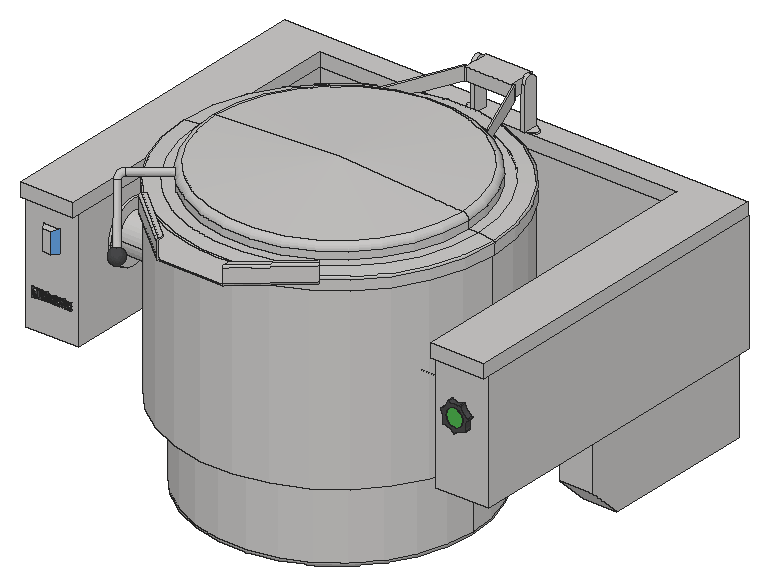
Revit family "QF_ELECTROLUXPROFESSIONAL_587193_PBOT20TWJO", category Attrezzature speciali, Revit 2020 (continued)
Definition of nested family "QF_ELECTROLUXPROFESSIONAL_PBOTS1000H400_LEFT"
  Automatic sketch dimensions
    Extrusion 4 sketch curve to Extrusion 4 sketch curve = 0.178 mm
    Extrusion 4 sketch curve to Extrusion 4 sketch curve = 4.332 mm
    Extrusion 4 sketch curve to plane 8 "TOP" = 304.564 mm  (x2)
    Extrusion 4 sketch curve to Extrusion 4 sketch curve = 0.539 mm  (x2)
    Extrusion 4 sketch curve to Extrusion 4 sketch curve = 0.634 mm  (x2)
    Extrusion 4 sketch curve to Extrusion 4 sketch curve = 0.036 mm  (x2)
    Extrusion 4 sketch curve to Extrusion 4 sketch curve = 0.114 mm  (x2)
    Extrusion 4 sketch curve to Extrusion 4 sketch curve = 0.807 mm  (x2)
    Extrusion 4 sketch curve to Extrusion 4 sketch curve = 0.007 mm  (x2)
    Extrusion 4 sketch curve to Extrusion 4 sketch curve = 0.156 mm  (x2)
    Extrusion 4 sketch curve to Extrusion 4 sketch curve = 0.005 mm  (x2)
    Extrusion 4 sketch curve to Extrusion 4 sketch curve = 0.083 mm  (x2)
    Extrusion 4 sketch curve to Extrusion 4 sketch curve = 0.13 mm  (x4)
    Extrusion 4 sketch curve to Extrusion 4 sketch curve = 0.009 mm  (x2)
    Extrusion 4 sketch curve to Extrusion 4 sketch curve = 0.159 mm  (x2)
    Extrusion 4 sketch curve to Extrusion 4 sketch curve = 0.075 mm  (x2)
    Extrusion 4 sketch curve to Extrusion 4 sketch curve = 0.025 mm  (x2)
    Extrusion 4 sketch curve to Extrusion 4 sketch curve = 2.918 mm
    Extrusion 4 sketch curve to Extrusion 4 sketch curve = 2.789 mm
    Extrusion 4 sketch curve to plane 8 "TOP" = 306.37 mm  (x2)
    Extrusion 4 sketch curve to Extrusion 4 sketch curve = 0.908 mm  (x2)
    Extrusion 4 sketch curve to plane 8 "TOP" = 306.755 mm  (x2)
    Extrusion 4 sketch curve to Extrusion 4 sketch curve = 0.826 mm  (x2)
    Extrusion 4 sketch curve to Extrusion 4 sketch curve = 0.126 mm  (x3)
    Extrusion 4 sketch curve to Extrusion 4 sketch curve = 2.333 mm
    Extrusion 4 sketch curve to Extrusion 4 sketch curve = 1.257 mm  (x2)
    Extrusion 4 sketch curve to Extrusion 4 sketch curve = 2.771 mm
    Extrusion 4 sketch curve to Extrusion 4 sketch curve = 1.497 mm
    Extrusion 4 sketch curve to Extrusion 4 sketch curve = 1.979 mm
    Extrusion 4 sketch curve to Extrusion 4 sketch curve = 1.653 mm
    Extrusion 4 sketch curve to Extrusion 4 sketch curve = 0.085 mm
    Extrusion 4 sketch curve to Extrusion 4 sketch curve = 0.315 mm
    Extrusion 4 sketch curve to Extrusion 4 sketch curve = 3.811 mm
    Extrusion 4 sketch curve to Extrusion 4 sketch curve = 2.136 mm  (x2)
    Extrusion 4 sketch curve to Extrusion 4 sketch curve = 2.352 mm  (x2)
    Extrusion 4 sketch curve to plane 8 "TOP" = 289.122 mm
    Extrusion 4 sketch curve to Extrusion 4 sketch curve = 3.797 mm
    Extrusion 4 sketch curve to plane 8 "TOP" = 296.104 mm
    Extrusion 4 sketch curve to Extrusion 4 sketch curve = 1.528 mm
    Extrusion 4 sketch curve to plane 8 "TOP" = 290.598 mm
    Extrusion 4 sketch curve to Extrusion 4 sketch curve = 1.476 mm
    Extrusion 4 sketch curve to plane 8 "TOP" = 294.635 mm
    Extrusion 4 sketch curve to Extrusion 4 sketch curve = 1.469 mm
    Extrusion 4 sketch curve to Extrusion 4 sketch curve = 3.728 mm
    Extrusion 4 sketch curve to Extrusion 4 sketch curve = 0.046 mm
    Extrusion 4 sketch curve to Extrusion 4 sketch curve = 0.177 mm
    Extrusion 4 sketch curve to Extrusion 4 sketch curve = 0.947 mm
    Extrusion 4 sketch curve to Extrusion 4 sketch curve = 0.308 mm
    Extrusion 4 sketch curve to Extrusion 4 sketch curve = 0.091 mm
    Extrusion 4 sketch curve to Extrusion 4 sketch curve = 2.375 mm
    Extrusion 4 sketch curve to Extrusion 4 sketch curve = 0.94 mm
    Extrusion 4 sketch curve to Extrusion 4 sketch curve = 0.54 mm
    Extrusion 4 sketch curve to Extrusion 4 sketch curve = 0.102 mm
    Extrusion 4 sketch curve to Extrusion 4 sketch curve = 0.002 mm  (x4)
    Extrusion 4 sketch curve to Extrusion 4 sketch curve = 0.105 mm
    Extrusion 4 sketch curve to Extrusion 4 sketch curve = 0.097 mm
    Extrusion 4 sketch curve to Extrusion 4 sketch curve = 3.982 mm
    Extrusion 4 sketch curve to Extrusion 4 sketch curve = 0.17 mm
    Extrusion 4 sketch curve to Extrusion 4 sketch curve = 6.49 mm
    Extrusion 4 sketch curve to Extrusion 4 sketch curve = 1.777 mm
    Extrusion 4 sketch curve to plane 8 "TOP" = 296.072 mm
    Extrusion 4 sketch curve to Extrusion 4 sketch curve = 0.63 mm
    Extrusion 4 sketch curve to Extrusion 4 sketch curve = 1.001 mm
    Extrusion 4 sketch curve to plane 8 "TOP" = 294.678 mm
    Extrusion 4 sketch curve to Extrusion 4 sketch curve = 1.393 mm
    Extrusion 4 sketch curve to Extrusion 4 sketch curve = 2.363 mm
    Extrusion 4 sketch curve to Extrusion 4 sketch curve = 2.253 mm
    Extrusion 4 sketch curve to Extrusion 4 sketch curve = 0.014 mm  (x4)
    Extrusion 4 sketch curve to Extrusion 4 sketch curve = 0.172 mm
    Extrusion 4 sketch curve to Extrusion 4 sketch curve = 0.096 mm
    Extrusion 4 sketch curve to Extrusion 4 sketch curve = 0.164 mm
    Extrusion 4 sketch curve to Extrusion 4 sketch curve = 0.298 mm
    Extrusion 4 sketch curve to Extrusion 4 sketch curve = 0.247 mm
    Extrusion 4 sketch curve to Extrusion 4 sketch curve = 0.084 mm
    Extrusion 4 sketch curve to Extrusion 4 sketch curve = 6.484 mm
    Extrusion 4 sketch curve to Extrusion 4 sketch curve = 2.596 mm
    Extrusion 4 sketch curve to Extrusion 4 sketch curve = 0.059 mm  (x2)
    Extrusion 4 sketch curve to Extrusion 4 sketch curve = 3.889 mm
    Extrusion 4 sketch curve to plane 8 "TOP" = 307.979 mm
    Extrusion 4 sketch curve to Extrusion 4 sketch curve = 6.029 mm
    Extrusion 4 sketch curve to plane 8 "TOP" = 305.988 mm
    Extrusion 4 sketch curve to Extrusion 4 sketch curve = 0.929 mm
    Extrusion 4 sketch curve to Extrusion 4 sketch curve = 1.102 mm
    Extrusion 4 sketch curve to Extrusion 4 sketch curve = 0.756 mm  (x2)
    Extrusion 4 sketch curve to plane 8 "TOP" = 306.353 mm
    Extrusion 4 sketch curve to Extrusion 4 sketch curve = 0.852 mm
    Extrusion 4 sketch curve to Extrusion 4 sketch curve = 0.108 mm
    Extrusion 4 sketch curve to Extrusion 4 sketch curve = 0.101 mm
    Extrusion 4 sketch curve to Extrusion 4 sketch curve = 0.072 mm
    Extrusion 4 sketch curve to Extrusion 4 sketch curve = 1.67 mm
    Extrusion 4 sketch curve to Extrusion 4 sketch curve = 1.834 mm
    Extrusion 4 sketch curve to Extrusion 4 sketch curve = 0.366 mm
    Extrusion 4 sketch curve to Extrusion 4 sketch curve = 0.993 mm
    Extrusion 4 sketch curve to Extrusion 4 sketch curve = 0.81 mm
    Extrusion 4 sketch curve to Extrusion 4 sketch curve = 1.026 mm  (x2)
    Extrusion 4 sketch curve to Extrusion 4 sketch curve = 4.272 mm
    Extrusion 4 sketch curve to Extrusion 4 sketch curve = 0.163 mm
    Extrusion 4 sketch curve to Extrusion 4 sketch curve = 0.551 mm
    Extrusion 4 sketch curve to Extrusion 4 sketch curve = 6.11 mm
    Extrusion 4 sketch curve to Extrusion 4 sketch curve = 1.451 mm
    Extrusion 4 sketch curve to Extrusion 4 sketch curve = 5.217 mm
    Extrusion 4 sketch curve to Extrusion 4 sketch curve = 0.045 mm  (x2)
    Extrusion 4 sketch curve to Extrusion 4 sketch curve = 0.241 mm
    Extrusion 4 sketch curve to Extrusion 4 sketch curve = 0.039 mm
    Extrusion 4 sketch curve to Extrusion 4 sketch curve = 1.134 mm
    Extrusion 4 sketch curve to Extrusion 4 sketch curve = 2.351 mm
    Extrusion 4 sketch curve to Extrusion 4 sketch curve = 3.993 mm
    Extrusion 4 sketch curve to Extrusion 4 sketch curve = 10.128 mm
    Extrusion 4 sketch curve to Extrusion 4 sketch curve = 0.956 mm
    Extrusion 4 sketch curve to Extrusion 4 sketch curve = 1.263 mm
    Extrusion 4 sketch curve to Extrusion 4 sketch curve = 2.577 mm
    Extrusion 4 sketch curve to Extrusion 4 sketch curve = 0.243 mm
    Extrusion 4 sketch curve to Extrusion 4 sketch curve = 0.031 mm
    Extrusion 4 sketch curve to Extrusion 4 sketch curve = 7.148 mm
    Extrusion 4 sketch curve to Extrusion 4 sketch curve = 1.502 mm
    Extrusion 4 sketch curve to Extrusion 4 sketch curve = 11.54 mm
    Extrusion 4 sketch curve to Extrusion 4 sketch curve = 11.758 mm
    Extrusion 4 sketch curve to Extrusion 4 sketch curve = 4.097 mm
    Extrusion 4 sketch curve to Extrusion 4 sketch curve = 0.011 mm
    Extrusion 4 sketch curve to Extrusion 4 sketch curve = 4.488 mm
    Extrusion 4 sketch curve to Extrusion 4 sketch curve = 11.908 mm
    Extrusion 4 sketch curve to Extrusion 4 sketch curve = 2.236 mm
    Extrusion 4 sketch curve to Extrusion 4 sketch curve = 0.22 mm
    Extrusion 4 sketch curve to Extrusion 4 sketch curve = 0.319 mm
    Extrusion 4 sketch curve to Extrusion 4 sketch curve = 1.192 mm
    Extrusion 4 sketch curve to Extrusion 4 sketch curve = 3.577 mm  (x2)
    Extrusion 4 sketch curve to Extrusion 4 sketch curve = 3.444 mm  (x2)
    Extrusion 4 sketch curve to Extrusion 4 sketch curve = 1.626 mm  (x2)
    Extrusion 4 sketch curve to Extrusion 4 sketch curve = 2.021 mm
    Extrusion 4 sketch curve to Extrusion 4 sketch curve = 2.967 mm
    Extrusion 4 sketch curve to Extrusion 4 sketch curve = 1.22 mm
    Extrusion 4 sketch curve to Extrusion 4 sketch curve = 3.412 mm
    Extrusion 4 sketch curve to Extrusion 4 sketch curve = 0.892 mm  (x3)
    Extrusion 4 sketch curve to Extrusion 4 sketch curve = 0.58 mm  (x2)
    Extrusion 4 sketch curve to Extrusion 4 sketch curve = 2.117 mm
    Extrusion 4 sketch curve to Extrusion 4 sketch curve = 0.295 mm  (x2)
    Extrusion 4 sketch curve to Extrusion 4 sketch curve = 0.618 mm
    Extrusion 4 sketch curve to Extrusion 4 sketch curve = 1.65 mm
    Extrusion 4 sketch curve to Extrusion 4 sketch curve = 1.662 mm
    Extrusion 4 sketch curve to Extrusion 4 sketch curve = 0.013 mm  (x2)
    Extrusion 4 sketch curve to Extrusion 4 sketch curve = 0.292 mm
    Extrusion 4 sketch curve to Extrusion 4 sketch curve = 0.107 mm  (x2)
    Extrusion 4 sketch curve to Extrusion 4 sketch curve = 0.068 mm  (x2)
    Extrusion 4 sketch curve to Extrusion 4 sketch curve = 2.361 mm
    Extrusion 4 sketch curve to Extrusion 4 sketch curve = 2.359 mm
    Extrusion 4 sketch curve to Extrusion 4 sketch curve = 0.531 mm  (x2)
    Extrusion 4 sketch curve to Extrusion 4 sketch curve = 0.928 mm  (x2)
    Extrusion 4 sketch curve to Extrusion 4 sketch curve = 1.058 mm
    Extrusion 4 sketch curve to Extrusion 4 sketch curve = 0.297 mm  (x2)
    Extrusion 4 sketch curve to Extrusion 4 sketch curve = 0.155 mm  (x2)
    Extrusion 4 sketch curve to Extrusion 4 sketch curve = 0.182 mm  (x2)
    Extrusion 4 sketch curve to Extrusion 4 sketch curve = 0.607 mm  (x2)
    Extrusion 4 sketch curve to Extrusion 4 sketch curve = 0.372 mm  (x2)
    Extrusion 4 sketch curve to Extrusion 4 sketch curve = 0.016 mm  (x2)
    Extrusion 4 sketch curve to Extrusion 4 sketch curve = 0.996 mm
    Extrusion 4 sketch curve to Extrusion 4 sketch curve = 0.93 mm
    Extrusion 4 sketch curve to Extrusion 4 sketch curve = 0.709 mm  (x2)
    Extrusion 4 sketch curve to Extrusion 4 sketch curve = 1.017 mm
    Extrusion 4 sketch curve to Extrusion 4 sketch curve = 4.718 mm
    Extrusion 4 sketch curve to Extrusion 4 sketch curve = 0.891 mm
    Extrusion 4 sketch curve to Extrusion 4 sketch curve = 3.826 mm
    Extrusion 4 sketch curve to Extrusion 4 sketch curve = 0.954 mm
    Extrusion 4 sketch curve to Extrusion 4 sketch curve = 5.576 mm
    Extrusion 4 sketch curve to Extrusion 4 sketch curve = 5.661 mm  (x2)
    Extrusion 4 sketch curve to Extrusion 4 sketch curve = 0.006 mm
    Extrusion 4 sketch curve to Extrusion 4 sketch curve = 2.203 mm
    Extrusion 4 sketch curve to Extrusion 4 sketch curve = 2.21 mm
    Extrusion 4 sketch curve to Extrusion 4 sketch curve = 1.607 mm
    Extrusion 4 sketch curve to Extrusion 4 sketch curve = 3.92 mm
    Extrusion 4 sketch curve to Extrusion 4 sketch curve = 0.05 mm
    Extrusion 4 sketch curve to Extrusion 4 sketch curve = 1.776 mm
    Extrusion 4 sketch curve to Extrusion 4 sketch curve = 4.017 mm
    Extrusion 4 sketch curve to Extrusion 4 sketch curve = 0.196 mm  (x2)
    Extrusion 4 sketch curve to Extrusion 4 sketch curve = 0.19 mm
    Extrusion 4 sketch curve to Extrusion 4 sketch curve = 1.312 mm
    Extrusion 4 sketch curve to Extrusion 4 sketch curve = 0.146 mm
    Extrusion 4 sketch curve to Extrusion 4 sketch curve = 2.831 mm
    Extrusion 4 sketch curve to Extrusion 4 sketch curve = 0.387 mm
    Extrusion 4 sketch curve to Extrusion 4 sketch curve = 0.174 mm
    Extrusion 4 sketch curve to Extrusion 4 sketch curve = 4.623 mm
    Extrusion 4 sketch curve to Extrusion 4 sketch curve = 1.754 mm
    Extrusion 4 sketch curve to Extrusion 4 sketch curve = 0.188 mm
    Extrusion 4 sketch curve to Extrusion 4 sketch curve = 0.02 mm
    Extrusion 4 sketch curve to Extrusion 4 sketch curve = 0.313 mm
    Extrusion 4 sketch curve to Extrusion 4 sketch curve = 0.12 mm
    Extrusion 4 sketch curve to Extrusion 4 sketch curve = 0.062 mm
    Extrusion 4 sketch curve to Extrusion 4 sketch curve = 0.568 mm
    Extrusion 4 sketch curve to Extrusion 4 sketch curve = 0.095 mm
    Extrusion 4 sketch curve to Extrusion 4 sketch curve = 0.357 mm
    Extrusion 4 sketch curve to Extrusion 4 sketch curve = 0.008 mm
    Extrusion 4 sketch curve to Extrusion 4 sketch curve = 0.36 mm
    Extrusion 4 sketch curve to Extrusion 4 sketch curve = 3.784 mm
    Extrusion 4 sketch curve to Extrusion 4 sketch curve = 1.654 mm
    Extrusion 4 sketch curve to Extrusion 4 sketch curve = 1.454 mm
    Extrusion 4 sketch curve to Extrusion 4 sketch curve = 3.429 mm
    Extrusion 4 sketch curve to Extrusion 4 sketch curve = 1.094 mm
    Extrusion 4 sketch curve to Extrusion 4 sketch curve = 2.218 mm
    Extrusion 4 sketch curve to Extrusion 4 sketch curve = 1.404 mm
    Extrusion 4 sketch curve to Extrusion 4 sketch curve = 5.959 mm
    Extrusion 4 sketch curve to Extrusion 4 sketch curve = 1.424 mm
    Extrusion 4 sketch curve to Extrusion 4 sketch curve = 3.23 mm
    Extrusion 4 sketch curve to Extrusion 4 sketch curve = 1.975 mm
    Extrusion 4 sketch curve to Extrusion 4 sketch curve = 3.779 mm
    Extrusion 4 sketch curve to Extrusion 4 sketch curve = 2.212 mm
    Extrusion 4 sketch curve to Extrusion 4 sketch curve = 3.78 mm
    Extrusion 4 sketch curve to Extrusion 4 sketch curve = 1.279 mm
    Extrusion 4 sketch curve to Extrusion 4 sketch curve = 1.343 mm  (x2)
    Extrusion 4 sketch curve to Extrusion 4 sketch curve = 1.353 mm  (x2)
    Extrusion 4 sketch curve to Extrusion 4 sketch curve = 0.027 mm  (x2)
    Extrusion 4 sketch curve to Extrusion 4 sketch curve = 0.395 mm  (x2)
    Extrusion 4 sketch curve to Extrusion 4 sketch curve = 0.329 mm  (x2)
    Extrusion 4 sketch curve to Extrusion 4 sketch curve = 0.425 mm  (x2)
    Extrusion 4 sketch curve to Extrusion 4 sketch curve = 0.051 mm  (x2)
    Extrusion 4 sketch curve to Extrusion 4 sketch curve = 0.495 mm  (x2)
    Extrusion 4 sketch curve to Extrusion 4 sketch curve = 0.267 mm  (x2)
    Extrusion 4 sketch curve to Extrusion 4 sketch curve = 1.4 mm
    Extrusion 4 sketch curve to Extrusion 4 sketch curve = 5.233 mm
    Extrusion 4 sketch curve to Extrusion 4 sketch curve = 2.062 mm
    Extrusion 6 sketch curve to plane 1 "Center (Front/Back)" = 40.0 mm
    Extrusion 6 sketch curve to Extrusion 6 sketch curve = 90.0 mm
    Extrusion 5 sketch curve to plane 11 "HW_CW" = 0.0 mm  (x2)
    Extrusion 5 sketch curve to plane 13 = 0.0 mm
    Extrusion 5 sketch curve to plane 12 = 0.0 mm
    Extrusion 2 sketch curve to plane 14 = 105.0 mm
    plane 17 to Extrusion 7 sketch curve = 0.0 mm  (x2)
    Extrusion 7 sketch curve to plane 19 = 0.0 mm
    Extrusion 7 sketch curve to plane 18 = 0.0 mm
    Extrusion 8 sketch curve to plane 3 "Center (Left/Right)" = 0.0 mm
    Extrusion 8 sketch curve to plane 21 "STEAM_z" = 0.0 mm
    radius of Extrusion 2 sketch curve = 6.35 mm  (x2)
    radius of Extrusion 4 sketch curve = 2.453 mm
    radius of Extrusion 4 sketch curve = 1.557 mm
    radius of Extrusion 4 sketch curve = 1.468 mm
    radius of Extrusion 4 sketch curve = 2.451 mm
    radius of Extrusion 5 sketch curve = 5.0 mm  (x2)
    radius of Extrusion 7 sketch curve = 5.0 mm  (x2)
    radius of Extrusion 8 sketch curve = 12.7 mm
Definition of nested family "QF_ELECTROLUXPROFESSIONAL_PBOTSMAN1000H400_RIGHT"
  Parameters
    Width = 160.0 mm
    Steam_z = 340.0 mm
    Steam_y = 239.0 mm
    Right = Width / 2  # 80.0 mm
    Default Elevation = 0.0 mm
    Left = -Width / 2  # -80.0 mm
    Htop = 40.0 mm
    Height = 900.0 mm
    HMan = 730.0 mm
    HBase = 250.0 mm
    EI_z = 450.0 mm
    EI_y = 312.0 mm
    Depth = 1000.0 mm
    BorderFront = 20.0 mm
    Body Finish [instance] = none
  Reference planes
    plane 1 "Center (Front/Back)": y = 0
    plane 2: z = 0
    plane 3 "Center (Left/Right)": x = 0
    plane 4 "LEFT": x = -80
    plane 5 "RIGHT": x = 80
    plane 6 "BACK": y = 500
    plane 7 "FRONT": y = -500
    plane 8 "Base": z = 250
    plane 9 "TOP": z = 900
    plane 10 "BorderFront": y = -480
    plane 11: z = 860
    plane 12 "EI": z = 450
    plane 13: y = 188
    plane 14: y = 261
    plane 15 "Steam_Z": z = 340
    plane 16: z = 730
    plane 17: z = 500
    plane 18: y = -50
    plane 19: z = 800
    plane 20: z = 525
    plane 21: x = -20
  Forms (mm)
    Extrusion 1, solid
      sketch origin (0, 0, 0) x (1, 0, 0) y (0, 1, 0)
        loop
          line (-80, 500) -> (-80, -480) -> (80, -480) -> (80, 500) -> (-80, 500)
      from 860 to 500
    Extrusion 2, solid
      sketch origin (0, -480, 0) x (-1, 0, 0) y (0, 0, 1)
        loop
          circle (0, 730) r 20
      from 0 to -15
    Extrusion 3, solid
      sketch origin (0, 500, 0) x (-1, 0, 0) y (0, 0, 1)
        loop
          circle (0, 450) r 5
      from 0 to 2
    Extrusion 4, solid
      sketch origin (0, 500, 0) x (-1, 0, 0) y (0, 0, 1)
        loop
          circle (0, 340) r 25.4
      from 0 to 3
    Extrusion 5, solid
      sketch origin (0, -480, 0) x (-1, 0, 0) y (0, 0, 1)
        loop
          circle (0, 730) r 25
        loop
          arc (32.154, 702.068) -> (34.039, 703.003) -> (34.542, 705.047) r 2.5
          arc (34.542, 705.047) -> (34.866, 722.153) -> (42.205, 737.608) r 40.622
          arc (42.205, 737.608) -> (42.662, 739.682) -> (41.359, 741.359) r 2.5
          arc (41.359, 741.359) -> (27.929, 752.374) -> (20.328, 767.992) r 40.622
          arc (20.328, 767.992) -> (18.977, 769.659) -> (16.832, 769.665) r 2.5
          arc (16.832, 769.665) -> (-0.034, 765.787) -> (-16.984, 769.281) r 40.622
          arc (-16.984, 769.281) -> (-19.093, 769.244) -> (-20.423, 767.608) r 2.5
          arc (-20.423, 767.608) -> (-28.052, 752.219) -> (-41.359, 741.359) r 40.622
          arc (-41.359, 741.359) -> (-42.662, 739.682) -> (-42.205, 737.608) r 2.5
          arc (-42.205, 737.608) -> (-34.866, 722.153) -> (-34.542, 705.047) r 40.622
          arc (-34.542, 705.047) -> (-34.039, 703.003) -> (-32.154, 702.068) r 2.5
          arc (-32.154, 702.068) -> (-15.447, 697.989) -> (-1.926, 687.362) r 40.622
          arc (-1.926, 687.362) -> (0, 686.456) -> (1.926, 687.362) r 2.5
          arc (1.926, 687.362) -> (15.447, 697.989) -> (32.154, 702.068) r 40.622
      from -15 to -30
    Extrusion 6, solid
      sketch origin (0, -480, 0) x (-1, 0, 0) y (0, 0, 1)
        loop
          circle (0, 730) r 25
      from -30 to -15
    Extrusion 7, solid
      sketch origin (0, 0, 0) x (0, 1, 0) y (0, 0, 1)
        loop
          line (500, 500) -> (-50, 500) -> (-50, 340) -> (40, 250) -> (500, 250) -> (500, 500)
      from 50 to -50
    Extrusion 8, void
      sketch origin (-20, 500, 0) x (-1, 0, 0) y (0, 0, 1)
        loop
          circle (0, 800) r 5
        loop
          circle (0, 525) r 5
      from 0 to -5
  Cuts and joins
    Extrusion 8 cuts Extrusion 1
  Lines and regions (mm)
    symbolic lines
      curve 1: line (-80, 500, 0) -> (80, 500, 0)
      curve 2: line (80, 500, 0) -> (80, -480, 0)
  Dimensions and locks
    "Width": plane 4 "LEFT" to plane 5 "RIGHT"
    equal spacing: plane 4 "LEFT", plane 3 "Center (Left/Right)", plane 5 "RIGHT"
    equal spacing: plane 6 "BACK", plane 1 "Center (Front/Back)", plane 7 "FRONT"
    "Depth": plane 6 "BACK" to plane 7 "FRONT"
    "BorderFront": plane 10 "BorderFront" to plane 7 "FRONT"
    "Htop": plane 9 "TOP" to plane 11
    "Height": plane 9 "TOP" to level
    "HBase": plane 8 "Base" to level
    "EI_y": plane 6 "BACK" to plane 13
    "Steam_y": plane 6 "BACK" to plane 14
    "HMan": plane 16 to level
    "Steam_z": plane 15 "Steam_Z" to level
    "EI_z": plane 12 "EI" to level
    plane 9 "TOP" to plane 17 = 400.0 mm
    plane 17 to plane 8 "Base" = 250.0 mm
    plane 8 "Base" to level = 250.0 mm
    plane 6 "BACK" to plane 18 = 550.0 mm
    plane 11 to plane 19 to plane 20 = 60.0 mm, 275.0 mm
    plane 5 "RIGHT" to plane 21 = 100.0 mm
    aligned and locked: level to plane 2
    aligned and locked: plane 10 "BorderFront" to Extrusion 1 sketch curve
    aligned and locked: plane 11 to Extrusion 1
    aligned and locked: plane 4 "LEFT" to Extrusion 1 sketch curve
    aligned and locked: Extrusion 1 sketch curve to plane 5 "RIGHT"
    aligned and locked: Extrusion 1 sketch curve to plane 6 "BACK"
    aligned and locked: Extrusion 1 to plane 17
    aligned and locked: plane 6 "BACK" to Extrusion 7 sketch curve
    aligned and locked: plane 17 to Extrusion 7 sketch curve
    aligned and locked: Extrusion 7 sketch curve to plane 8 "Base"
    aligned and locked: plane 18 to Extrusion 7 sketch curve
  Automatic sketch dimensions
    Extrusion 3 sketch curve to plane 3 "Center (Left/Right)" = 0.0 mm
    Extrusion 3 sketch curve to plane 12 "EI" = 0.0 mm
    curve 1 to plane 4 "LEFT" = 0.0 mm
    curve 1 to plane 5 "RIGHT" = 0.0 mm
    curve 2 to plane 10 "BorderFront" = 0.0 mm
    curve 1 to plane 6 "BACK" = 0.0 mm
    Extrusion 4 sketch curve to plane 3 "Center (Left/Right)" = 0.0 mm
    Extrusion 4 sketch curve to plane 15 "Steam_Z" = 0.0 mm
    Extrusion 2 sketch curve to plane 3 "Center (Left/Right)" = 0.0 mm
    Extrusion 2 sketch curve to plane 16 = 0.0 mm
    Extrusion 5 sketch curve to plane 5 "RIGHT" = 5.593 mm
    Extrusion 5 sketch curve to plane 5 "RIGHT" = 20.191 mm
    Extrusion 5 sketch curve to plane 5 "RIGHT" = 39.777 mm
    Extrusion 5 sketch curve to plane 5 "RIGHT" = 46.782 mm
    Extrusion 5 sketch curve to plane 5 "RIGHT" = 47.912 mm
    Extrusion 5 sketch curve to Extrusion 5 sketch curve = 22.224 mm
    plane 16 to Extrusion 5 sketch curve = 76.406 mm
    plane 3 "Center (Left/Right)" to Extrusion 5 sketch curve = 0.496 mm
    plane 3 "Center (Left/Right)" to Extrusion 5 sketch curve = 0.0 mm  (x2)
    Extrusion 5 sketch curve to plane 3 "Center (Left/Right)" = 17.898 mm
    Extrusion 5 sketch curve to plane 3 "Center (Left/Right)" = 32.088 mm
    Extrusion 5 sketch curve to plane 3 "Center (Left/Right)" = 33.218 mm
    Extrusion 5 sketch curve to plane 3 "Center (Left/Right)" = 40.223 mm
    Extrusion 5 sketch curve to plane 3 "Center (Left/Right)" = 59.809 mm
    plane 4 "LEFT" to Extrusion 5 sketch curve = 5.593 mm
    plane 16 to Extrusion 5 sketch curve = 47.549 mm  (x2)
    Extrusion 5 sketch curve to Extrusion 5 sketch curve = 39.002 mm
    Extrusion 5 sketch curve to Extrusion 5 sketch curve = 0.408 mm
    Extrusion 5 sketch curve to Extrusion 5 sketch curve = 28.272 mm
    Extrusion 5 sketch curve to Extrusion 5 sketch curve = 27.864 mm
    Extrusion 5 sketch curve to Extrusion 5 sketch curve = 36.996 mm
    Extrusion 5 sketch curve to Extrusion 5 sketch curve = 26.285 mm  (x2)
    Extrusion 5 sketch curve to Extrusion 5 sketch curve = 34.565 mm  (x2)
    Extrusion 5 sketch curve to Extrusion 5 sketch curve = 15.61 mm
    Extrusion 5 sketch curve to Extrusion 5 sketch curve = 27.496 mm  (x2)
    Extrusion 5 sketch curve to Extrusion 5 sketch curve = 1.982 mm
    Extrusion 5 sketch curve to Extrusion 5 sketch curve = 0.0 mm  (x13)
    Extrusion 6 sketch curve to plane 3 "Center (Left/Right)" = 0.0 mm
    Extrusion 6 sketch curve to plane 16 = 0.0 mm
    Extrusion 7 sketch curve to plane 15 "Steam_Z" = 0.0 mm
    Extrusion 7 sketch curve to plane 1 "Center (Front/Back)" = 40.0 mm
    Extrusion 8 sketch curve to plane 3 "Center (Left/Right)" = 20.0 mm  (x2)
    Extrusion 8 sketch curve to plane 20 = 0.0 mm
    Extrusion 8 sketch curve to plane 19 = 0.0 mm
    radius of Extrusion 3 sketch curve = 5.0 mm
    radius of Extrusion 4 sketch curve = 25.4 mm
    radius of Extrusion 2 sketch curve = 20.0 mm
    radius of Extrusion 5 sketch curve = 25.0 mm
    radius of Extrusion 6 sketch curve = 25.0 mm
    radius of Extrusion 8 sketch curve = 5.0 mm  (x2)
Definition of nested family "QF_ELECTROLUXPROFESSIONAL_PBOT1000_LEVEL1"
  Parameters
    Default Elevation = 0.0 mm
    Assembly Code = ""
  Reference planes
    plane 1 "Center (Front/Back)": y = 0
    plane 2: z = 0
    plane 3 "Center (Left/Right)": x = 0
  Forms (mm)
    Sweep 1, solid
      path origin (0, 0, 0) x (1, 0, 0) y (0, 0.5, 0.866025)
        loop
          line (60, 0) -> (-80, 0)
          arc (-80, 0) -> (-94.142, -5.858) -> (-100, -20) r 20
          line (-100, -20) -> (-100, -200)
      profile origin (-10, 0, 0) x (0, -0.5, -0.866025) y (0, -0.866025, 0.5)
        loop
          circle (0, 0) r 9
    Revolve 2, solid
      sketch origin (-20, 0, 0) x (1, 0, 0) y (0, 0.5, 0.866025)
        loop
          arc (-57.5, -200) -> (-80, -177.5) -> (-102.5, -200) r 22.5
          line (-102.5, -200) -> (-57.5, -200)
        axis (-102.5, -200) -> (-57.5, -200)
      angle from 0 to 360
  Lines and regions (mm)
    symbolic lines
      curve 1: line (0, -9, 0) -> (-80, -9, 0)
      curve 2: line (0, 9, 0) -> (-80, 9, 0)
      curve 3: line (-91, -80, 0) -> (-91, -15, 0)
      curve 4: line (-109, -80, 0) -> (-109, -10, 0)
      curve 5: arc (-109, -10, 0) -> (-97.335, 3.827, 0) -> (-80, 9, 0) r 31.632
      curve 6: arc (-91, -15, 0) -> (-86.265, -10.598, 0) -> (-80, -9, 0) r 13.083
      curve 7: spline (-77.953, -100, 0) -> (-78.704, -94.175, 0) -> (-80.907, -88.747, 0) -> (-84.41, -84.087, 0) -> (-88.977, -80.51, 0) -> (-94.294, -78.262, 0) -> (-100, -77.495, 0) -> (-105.706, -78.262, 0) -> (-111.023, -80.51, 0) -> (-115.59, -84.087, 0) -> (-119.093, -88.747, 0) -> (-121.296, -94.175, 0) -> (-122.047, -100, 0) -> (-121.296, -105.825, 0) -> (-119.093, -111.253, 0) -> (-115.59, -115.913, 0) -> (-111.023, -119.49, 0) -> (-105.706, -121.738, 0) -> (-100, -122.505, 0) -> (-94.294, -121.738, 0) -> (-88.977, -119.49, 0) -> (-84.41, -115.913, 0) -> (-80.907, -111.253, 0) -> (-78.704, -105.825, 0) -> (-77.953, -100, 0)
  Dimensions and locks
    aligned and locked: level to plane 2
